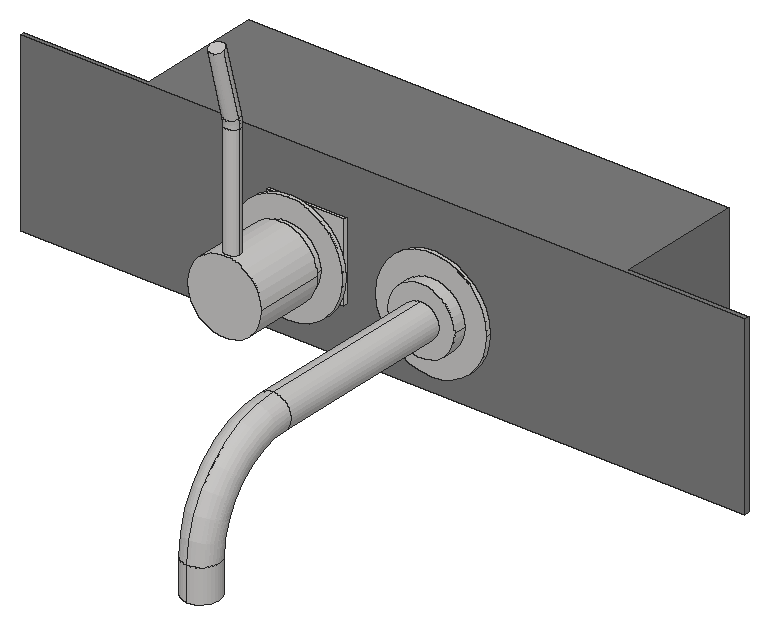
Revit family "111L", category Plumbing Fixtures, Revit 2021
Family settings
  Round Connector Dimension = Use Diameter
  Part Type = Normal
  Work Plane-Based = No
  Always vertical = Yes
  Cut with Voids When Loaded = No
  Shared = No
  Room Calculation Point = No
Parameters
  e-mail = "info@vola.com"
  URL = "http://vola.com"
  Telephone = "+45 7023 5500"
  Quality management standard = "ISO 9001"
  Organisation no. / DUNS no. = "17531328"
  Occupational health and safety management standard = "ISO 18001"
  Mounting Instructions = "http://vola.com/service/producturl.ashx?name=111L"
  Model = "111L"
  Mixer Offset [instance] = 12.00 mm
  Mixer = yes
  Materials and components information = "http://vola.com/service/producturl.ashx?name=111L"
  Manufacturer = "VOLA A/S"
  Maintenance Instructions = "http://vola.com/service/producturl.ashx?name=111L"
  Guarantee = "2 years"
  Flow = "5,00 l/min"
  Environmental management standard = "ISO 14000"
  Default Elevation = 0.00 mm
  Connection - All relevant connections = "½\" for water connection"
  Approvals = "http://vola.com/service/producturl.ashx?name=111L"
Reference planes
  plane 1 "Center (Front/Back)": y = 0
  plane 2: z = 0
  plane 3 "Center (Left/Right)": x = 0
  plane 4 "Mixer plane": y = 12
  plane 5 "Wall Surface": y = 0
Forms (mm)
  Extrusion 1, solid, material "Stainless Steel", visible <- "Mixer"
    sketch origin (16.5, 10, 0) x (0, 0, 1) y (-1, 0, 0)
      loop
        circle (0, 16.5) r 16.5
    from 0 to 10
  Extrusion 2, solid, material "Stainless Steel", visible <- "Mixer"
    sketch origin (-99, 10, 21) x (-1, 0, 0) y (0, 0, -1)
      loop
        circle (-21, 21) r 17.85
    from 0 to 10
Dimensions and locks
  "Mixer Offset": plane 4 "Mixer plane" to plane 1 "Center (Front/Back)"
  aligned and locked: plane 2 to level
  aligned and locked: nested 2 to nested 2
  aligned and locked: nested 1 to plane 4 "Mixer plane"
  aligned and locked: nested 4 to plane 1 "Center (Front/Back)"
  aligned and locked: nested 5 to plane 1 "Center (Front/Back)"
  aligned and locked: plane 1 "Center (Front/Back)" to Extrusion 1
  aligned and locked: plane 1 "Center (Front/Back)" to Extrusion 2
Automatic sketch dimensions
  Extrusion 2 sketch curve to Extrusion 2 sketch curve = 0.00 mm  (x2)
  Extrusion 2 sketch curve to nested 1 = 3.15 mm
  Extrusion 2 sketch curve to nested 1 = 21.00 mm
  Extrusion 2 sketch curve to Extrusion 2 sketch curve = 17.85 mm
  radius of Extrusion 1 sketch curve to nested 1 = 0.00 mm
Nested families
  nested 1: "100" at (-39, 82.5, -70), visible <- "Mixer", type "100"
  nested 2: "NR28L" at (-78, -2, 0), type "NR28L"
  nested 3: "010" at (0, -2, 0), type "010"
  nested 4: "001" at (0, 0, 0) x (-1, 0, 0) z (0, -1, 0), type "001"
  nested 5: "3001" at (-78, 0, 0) x (0, 0, 1) z (0, -1, 0), type "3001"
Connectors
  piping at (-51, 57.5, -70), diameter 28
    settings: on nested 1, index 1, connector inside diameter 1.10236", connector length 0.00 mm, flow factor 0, pipe flow 0 GPM, pressure drop 0.00 psi, fitting loss kfactor 0, connector angle 0.00°, fixture units 0, engagement length 0.00 mm, angle of deflection 0.00°, flow configuration 0, flow direction 1, fitting loss method 0, system type 20, joint type 0, gender type 0, connector reference index -1, connector utility 0, adjustable connector no, is connector primary yes, connector description ""
  piping at (-105, 57.5, -70), diameter 28
    settings: on nested 1, index 2, connector inside diameter 1.10236", connector length 0.00 mm, flow factor 0, pipe flow 0 GPM, pressure drop 0.00 psi, fitting loss kfactor 0, connector angle 0.00°, fixture units 0, engagement length 0.00 mm, angle of deflection 0.00°, flow configuration 0, flow direction 1, fitting loss method 0, system type 19, joint type 0, gender type 0, connector reference index -1, connector utility 0, adjustable connector no, is connector primary no, connector description ""
Definition of nested family "100"
  Parameters
    e-mail = "info@vola.com"
    URL = "http://vola.com"
    Telephone = "+45 7023 5500"
    Quality management standard = "ISO 9001"
    Organisation no. / DUNS no. = "17531328"
    Occupational health and safety management standard = "ISO 18001"
    Mounting Instructions = "http://vola.com/service/producturl.ashx?name=100"
    Model = "100"
    Materials and components information = "http://vola.com/service/producturl.ashx?name=100"
    Manufacturer = "VOLA A/S"
    Maintenance Instructions = "http://vola.com/service/producturl.ashx?name=100"
    Guarantee = "2 years"
    Flow = "18,00 l/min"
    Environmental management standard = "ISO 14000"
    Default Elevation = 0.00 mm
    Connection - All relevant connections = ""
    Approvals = "http://vola.com/service/producturl.ashx?name=100"
  Reference planes
    plane 1 "Center (Front/Back)": y = 0
    plane 2: z = 0
    plane 3 "Center (Left/Right)": x = 0
    plane 4 "Front Plane": y = -72.5
    plane 5 "Inlet Center Plane": y = -25
    plane 6: z = 70
  Forms (mm)
    Extrusion 1, solid
      sketch origin (0, 0, 1) x (1, 0, 0) y (0, 0, 1)
        loop
          circle (39, 69) r 16.5
      from 70.5 to 72.5
    Extrusion 2, solid
      sketch origin (1032.5, -2.5, 1) x (-1, 0, 0) y (0, 0, -1)
        loop
          line (1092.5, -90) -> (1092.5, -48) -> (1050.5, -48) -> (1050.5, -90) -> (1092.5, -90)
      from 68 to 70
    Extrusion 3, solid
      sketch origin (0, 0, 1) x (1, 0, 0) y (0, 1, 0)
        loop
          line (-127.5, 0) -> (-127.5, -68) -> (132.5, -68) -> (132.5, 0) -> (-127.5, 0)
      from 21.5 to 116.5
    Extrusion 4, solid
      sketch origin (0, 0, 22.5) x (0, 1, 0) y (1, 0, 0)
        loop
          circle (-25, -12) r 14
      from 0 to 22.5
    Extrusion 5, solid
      sketch origin (-54, 0, 22.5) x (0, 1, 0) y (1, 0, 0)
        loop
          circle (-25, -12) r 14
      from 0 to 22.5
    Extrusion 6, solid
      sketch origin (0, 0, 1) x (1, 0, 0) y (0, 1, 0)
        loop
          line (-195, -68) -> (-195, -70.5) -> (197.5, -70.5) -> (197.5, -68) -> (-195, -68)
      from 21.5 to 116.5
  Cuts and joins
    joined: Extrusion 3, Extrusion 6
  Lines and regions (mm)
    reference lines
      curve 1: line (-39, -25, 70) -> (-39, -122.5, 70)
      curve 2: line (39, -25, 70) -> (39, -122.5, 70)
      curve 3: line (-66, -25, 70) -> (-66, -25, -29)
      curve 4: line (-12, -25, 70) -> (-12, -25, -29)
  Dimensions and locks
    aligned and locked: plane 2 to level
    aligned and locked: plane 6 to curve 4
    aligned and locked: plane 6 to curve 3
    aligned and locked: Extrusion 3 to Extrusion 6
    aligned and locked: Extrusion 6 to Extrusion 3
Definition of nested family "NR28L"
  Parameters
    e-mail = "info@vola.com"
    URL = "http://vola.com"
    Telephone = "+45 7023 5500"
    Quality management standard = "ISO 9001"
    Organisation no. / DUNS no. = "17531328"
    Occupational health and safety management standard = "ISO 18001"
    Mounting Instructions = "http://vola.com/service/producturl.ashx?name=NR28L"
    Model = "NR28L"
    Materials and components information = "http://vola.com/service/producturl.ashx?name=NR28L"
    Manufacturer = "VOLA A/S"
    Maintenance Instructions = "http://vola.com/service/producturl.ashx?name=NR28L"
    Guarantee = "2 years"
    Environmental management standard = "ISO 14000"
    Default Elevation = 0.00 mm
    Connection - All relevant connections = ""
    Approvals = "http://vola.com/service/producturl.ashx?name=NR28L"
  Reference planes
    plane 1 "Center (Front/Back)": y = 0
    plane 2: z = 0
    plane 3 "Center (Left/Right)": x = 0
  Forms (mm)
    Extrusion 1, solid
      sketch origin (0, 0, 0) x (1, 0, 0) y (0, 0, 1)
        loop
          circle (0, 0) r 20
      from 5 to 42.5
    Extrusion 2, solid
      sketch origin (0, 0, 0) x (1, 0, 0) y (0, 0, 1)
        loop
          circle (0, 0) r 18
      from 0 to 5
    Sweep 3, solid
      path origin (0, 1.5, 0.731) x (0, 1, 0) y (0, 0, 1)
        loop
          line (-38.75, -0.731) -> (-38.75, 79.999)
          arc (-38.75, 79.999) -> (-38.934, 82.806) -> (-39.483, 85.564) r 21.5
          line (-39.483, 85.564) -> (-49.318, 122.269)
      profile origin (0, -37.25, 40.365) x (0, -1, 0) y (1, 0, 0)
        loop
          circle (0, 0) r 4
  Cuts and joins
    joined: Extrusion 1, Sweep 3
  Lines and regions (mm)
    model lines
      curve 1: line (6.05, -42.5, 19.141) -> (6.05, -42.5, -19.141)
      curve 2: line (-6.05, -42.5, 19.141) -> (-6.05, -42.5, -19.141)
  Dimensions and locks
    aligned and locked: plane 2 to level
Definition of nested family "010"
  Parameters
    e-mail = "info@vola.com"
    URL = "http://vola.com"
    Telephone = "+45 7023 5500"
    Quality management standard = "ISO 9001"
    Organisation no. / DUNS no. = "17531328"
    Occupational health and safety management standard = "ISO 18001"
    Mounting Instructions = "http://vola.com/service/producturl.ashx?name=010"
    Model = "010"
    Materials and components information = "http://vola.com/service/producturl.ashx?name=010"
    Manufacturer = "VOLA A/S"
    Maintenance Instructions = "http://vola.com/service/producturl.ashx?name=010"
    Guarantee = "2 years"
    Flow = "0 l/min"
    Environmental management standard = "ISO 14000"
    Default Elevation = 0.00 mm
    Connection - All relevant connections = ""
    Approvals = "http://vola.com/service/producturl.ashx?name=010"
  Reference planes
    plane 1 "Center (Front/Back)": y = 0
    plane 2: z = 0
    plane 3 "Center (Left/Right)": x = 0
  Forms (mm)
    Extrusion 1, solid
      sketch origin (0, 0, 0) x (1, 0, 0) y (0, 0, 1)
        loop
          circle (0, 0) r 18
      from 0 to 7
    Sweep 2, solid
      path origin (0, 0, 0) x (0, 1, 0) y (0, 0, 1)
        loop
          line (-7, 0) -> (-107, 0)
          arc (-107, 0) -> (-141.648, -14.352) -> (-156, -49) r 49
      profile origin (0, -141.648, -14.352) x (0, 0.707107, -0.707107) y (1, 0, 0)
        loop
          circle (0, 0) r 9.5
    Extrusion 3, solid
      sketch origin (0, -156, -49) x (0, -1, 0) y (-1, 0, 0)
        loop
          circle (0, 0) r 9.5
      from 0 to 18
  Dimensions and locks
    aligned and locked: plane 2 to level
Definition of nested family "001"
  Parameters
    e-mail = "info@vola.com"
    URL = "http://vola.com"
    Telephone = "+45 7023 5500"
    Quality management standard = "ISO 9001"
    Organisation no. / DUNS no. = "17531328"
    Occupational health and safety management standard = "ISO 18001"
    Mounting Instructions = "http://vola.com/service/producturl.ashx?name=001"
    Model = "001"
    Materials and components information = "http://vola.com/service/producturl.ashx?name=001"
    Manufacturer = "VOLA A/S"
    Maintenance Instructions = "http://vola.com/service/producturl.ashx?name=001"
    Guarantee = "2 years"
    Environmental management standard = "ISO 14000"
    Default Elevation = 1219.20 mm
    Connection - All relevant connections = ""
    Approvals = "http://vola.com/service/producturl.ashx?name=001"
  Reference planes
    plane 1 "Center (Front/Back)": y = 0
    plane 2: z = 0
    plane 3 "Center (Left/Right)": x = 0
  Forms (mm)
    Extrusion 1, solid
      sketch origin (0, 0, 0) x (1, 0, 0) y (0, 1, 0)
        loop
          circle (0, 0) r 16.5
        loop
          circle (0, 0) r 30
      from 0 to 2
  Dimensions and locks
    aligned and locked: plane 2 to level
Definition of nested family "3001"
  Parameters
    e-mail = "info@vola.com"
    URL = "http://vola.com"
    Telephone = "+45 7023 5500"
    Quality management standard = "ISO 9001"
    Organisation no. / DUNS no. = "17531328"
    Occupational health and safety management standard = "ISO 18001"
    Mounting Instructions = "http://vola.com/service/producturl.ashx?name=3001"
    Model = "3001"
    Materials and components information = "http://vola.com/service/producturl.ashx?name=3001"
    Manufacturer = "VOLA A/S"
    Maintenance Instructions = "http://vola.com/service/producturl.ashx?name=3001"
    Guarantee = "2 years"
    Environmental management standard = "ISO 14000"
    Default Elevation = 1219.20 mm
    Connection - All relevant connections = ""
    Approvals = "http://vola.com/service/producturl.ashx?name=3001"
  Reference planes
    plane 1 "Center (Front/Back)": y = 0
    plane 2: z = 0
    plane 3 "Center (Left/Right)": x = 0
  Forms (mm)
    Extrusion 1, solid
      sketch origin (0, 0, 0) x (1, 0, 0) y (0, 1, 0)
        loop
          circle (0, 0) r 18
        loop
          circle (0, 0) r 30
      from 0 to 2
  Dimensions and locks
    aligned and locked: plane 2 to level
